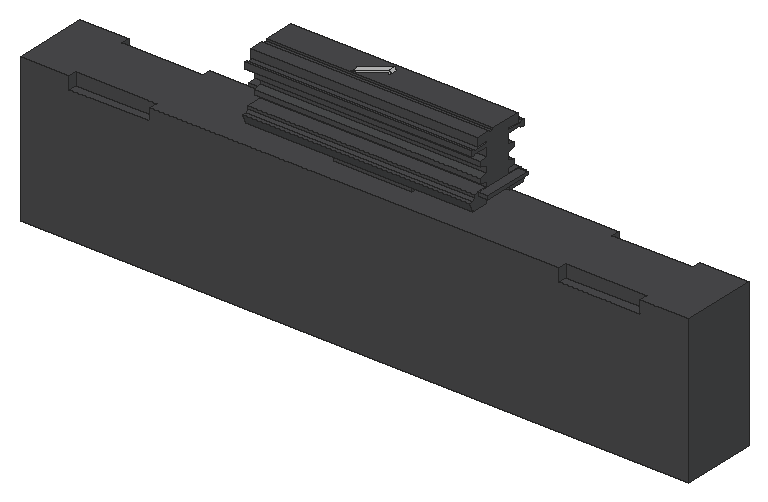
Revit family "DOT SINGLE HEAD RAIL 328_DTM15W3.5.15", category Luminarias, Revit 2019
Family settings
  Cota de conector redondo = Diámetro de uso
  Tipo de pieza = Normal
  Se basa en plano de trabajo = Sí
  Siempre vertical = Sí
  Corte con vacíos al cargar = No
  Origen de luz = Sí
  Compartido = No
  Punto de cálculo de habitación = No
Parameters (values of type "DOT SINGLE HEAD RAIL 328_DTM15W3.5.15")
  Ángulo de inclinación = 60.00°
  Zone [instance] = ""
  Watt per fixture = 15
  Wattage = 15 W
  built-in parameter 1150107 = 3000 (stored number, unit not read)
  built-in parameter 1150110 = 1 (stored number, unit not read)
  built-in parameter 1150109 = 1 (stored number, unit not read)
  built-in parameter 1150112 = 1 (stored number, unit not read)
  built-in parameter 1150113 = 1 (stored number, unit not read)
  built-in parameter 1114218 = 1 (stored number, unit not read)
  Keynote = ""
  built-in parameter 1150137 = (empty or 0)
  built-in parameter 1150132 = (empty or 0)
  Modelo = "DTM15W3.5.15"
  Lámpara = "3030SMD PHILIPS"
  built-in parameter 1150105 = 102.65 (stored number, unit not read)
  built-in parameter 1150102 = (empty or 0)
  built-in parameter 1150106 = 1.0265 (stored number, unit not read)
  Lumens = 1290 lm
  Color Filter = 16777215
  built-in parameter 1114217 = 1 (stored number, unit not read)
  built-in parameter 1150139 = (empty or 0)
  Fabricante = "BRILLANT"
  Default Elevation = 1219.2 mm
  built-in parameter 1150104 = 7.9897 (stored number, unit not read)
  Descripción = "LUMINARIA DOWNLIGHT EN FORMATO RECTANGULAR COMPATIBLE CON RIEL DE 6 ENTRADAS Y 3 CIRCUITOS CON CABEZAL PARA PODER DIRIGIR LA LUMINARIA HASTA 30 GRADOS, CUERPO DE ALUMINIO ACABADO EN COLOR NEGRO, IP 20, PESO 0.86Kg, TIPO DE LED 3030SMD PHILIPS CON 15W TOTAL, 1300 LUMENES, 86LM/W, IRC 90, TEMPERATURA EN BLANCO CALIDO 3000K, 50 MIL HORAS DE VIDA PROMEDIO, APERTURA DE 15 GRADOS POR PROYECTO, ALIMENTADO A 90-240V"
  built-in parameter 1150115 = 1 (stored number, unit not read)
  built-in parameter 1150114 = 1 (stored number, unit not read)
  Comentarios de vataje = "90-240V"
  built-in parameter 1150138 = (empty or 0)
  built-in parameter 1150134 = (empty or 0)
  Circuit [instance] = ""
  Dimming Lamp Color Temperature Shift = (empty or 0)
  Archivo de red fotométrica = "L328A-15W-830-B-15_IESNA95.IES"
  built-in parameter 1150133 = 10 (stored number, unit not read)
Reference planes
  plane 1 "Centro (Frontal/Posterior)": y = 0
  plane 2: z = 0
  plane 3 "Centro (Izquierda/Derecha)": x = 0
Forms (mm)
  Extrusion 1, solid, material "Default Form"
    sketch origin (0, 0, 0) x (1, 0, 0) y (0, 0, 1)
      loop
        line (-164, 0) -> (-164, -72) -> (164, -72) -> (164, 0) -> (-164, 0)
    from -18.326 to 18.326
  Blend 2, void
    base sketch origin (0, 0, 0) x (1, 0, 0) y (0, 1, 0)
      loop
        line (-162, 16.149) -> (-162, -16.149) -> (-144.14, -16.149) -> (-144.14, 16.149) -> (-162, 16.149)
    top sketch origin (0, 0, 0) x (1, 0, 0) y (0, 1, 0)
      loop
        line (-160, 12.149) -> (-160, -12.149) -> (-146.14, -12.149) -> (-146.14, 12.149) -> (-160, 12.149)
    from -72 to -61.591
  Blend 3, void
    base sketch origin (21.86, 0, 0) x (1, 0, 0) y (0, 1, 0)
      loop
        line (-162, 16.149) -> (-162, -16.149) -> (-144.14, -16.149) -> (-144.14, 16.149) -> (-162, 16.149)
    top sketch origin (21.86, 0, 0) x (1, 0, 0) y (0, 1, 0)
      loop
        line (-160, 12.149) -> (-160, -12.149) -> (-146.14, -12.149) -> (-146.14, 12.149) -> (-160, 12.149)
    from -72 to -61.591
  Blend 4, void
    base sketch origin (43.72, 0, 0) x (1, 0, 0) y (0, 1, 0)
      loop
        line (-162, 16.149) -> (-162, -16.149) -> (-144.14, -16.149) -> (-144.14, 16.149) -> (-162, 16.149)
    top sketch origin (43.72, 0, 0) x (1, 0, 0) y (0, 1, 0)
      loop
        line (-160, 12.149) -> (-160, -12.149) -> (-146.14, -12.149) -> (-146.14, 12.149) -> (-160, 12.149)
    from -72 to -61.591
  Blend 5, void
    base sketch origin (65.58, 0, 0) x (1, 0, 0) y (0, 1, 0)
      loop
        line (-162, 16.149) -> (-162, -16.149) -> (-144.14, -16.149) -> (-144.14, 16.149) -> (-162, 16.149)
    top sketch origin (65.58, 0, 0) x (1, 0, 0) y (0, 1, 0)
      loop
        line (-160, 12.149) -> (-160, -12.149) -> (-146.14, -12.149) -> (-146.14, 12.149) -> (-160, 12.149)
    from -72 to -61.591
  Blend 6, void
    base sketch origin (87.44, 0, 0) x (1, 0, 0) y (0, 1, 0)
      loop
        line (-162, 16.149) -> (-162, -16.149) -> (-144.14, -16.149) -> (-144.14, 16.149) -> (-162, 16.149)
    top sketch origin (87.44, 0, 0) x (1, 0, 0) y (0, 1, 0)
      loop
        line (-160, 12.149) -> (-160, -12.149) -> (-146.14, -12.149) -> (-146.14, 12.149) -> (-160, 12.149)
    from -72 to -61.591
  Blend 7, void
    base sketch origin (109.3, 0, 0) x (1, 0, 0) y (0, 1, 0)
      loop
        line (-162, 16.149) -> (-162, -16.149) -> (-144.14, -16.149) -> (-144.14, 16.149) -> (-162, 16.149)
    top sketch origin (109.3, 0, 0) x (1, 0, 0) y (0, 1, 0)
      loop
        line (-160, 12.149) -> (-160, -12.149) -> (-146.14, -12.149) -> (-146.14, 12.149) -> (-160, 12.149)
    from -72 to -61.591
  Blend 8, void
    base sketch origin (131.16, 0, 0) x (1, 0, 0) y (0, 1, 0)
      loop
        line (-162, 16.149) -> (-162, -16.149) -> (-144.14, -16.149) -> (-144.14, 16.149) -> (-162, 16.149)
    top sketch origin (131.16, 0, 0) x (1, 0, 0) y (0, 1, 0)
      loop
        line (-160, 12.149) -> (-160, -12.149) -> (-146.14, -12.149) -> (-146.14, 12.149) -> (-160, 12.149)
    from -72 to -61.591
  Blend 9, void
    base sketch origin (153.02, 0, 0) x (1, 0, 0) y (0, 1, 0)
      loop
        line (-162, 16.149) -> (-162, -16.149) -> (-144.14, -16.149) -> (-144.14, 16.149) -> (-162, 16.149)
    top sketch origin (153.02, 0, 0) x (1, 0, 0) y (0, 1, 0)
      loop
        line (-160, 12.149) -> (-160, -12.149) -> (-146.14, -12.149) -> (-146.14, 12.149) -> (-160, 12.149)
    from -72 to -61.591
  Blend 10, void
    base sketch origin (174.88, 0, 0) x (1, 0, 0) y (0, 1, 0)
      loop
        line (-162, 16.149) -> (-162, -16.149) -> (-144.14, -16.149) -> (-144.14, 16.149) -> (-162, 16.149)
    top sketch origin (174.88, 0, 0) x (1, 0, 0) y (0, 1, 0)
      loop
        line (-160, 12.149) -> (-160, -12.149) -> (-146.14, -12.149) -> (-146.14, 12.149) -> (-160, 12.149)
    from -72 to -61.591
  Blend 11, void
    base sketch origin (196.74, 0, 0) x (1, 0, 0) y (0, 1, 0)
      loop
        line (-162, 16.149) -> (-162, -16.149) -> (-144.14, -16.149) -> (-144.14, 16.149) -> (-162, 16.149)
    top sketch origin (196.74, 0, 0) x (1, 0, 0) y (0, 1, 0)
      loop
        line (-160, 12.149) -> (-160, -12.149) -> (-146.14, -12.149) -> (-146.14, 12.149) -> (-160, 12.149)
    from -72 to -61.591
  Blend 12, void
    base sketch origin (218.6, 0, 0) x (1, 0, 0) y (0, 1, 0)
      loop
        line (-162, 16.149) -> (-162, -16.149) -> (-144.14, -16.149) -> (-144.14, 16.149) -> (-162, 16.149)
    top sketch origin (218.6, 0, 0) x (1, 0, 0) y (0, 1, 0)
      loop
        line (-160, 12.149) -> (-160, -12.149) -> (-146.14, -12.149) -> (-146.14, 12.149) -> (-160, 12.149)
    from -72 to -61.591
  Blend 13, void
    base sketch origin (240.46, 0, 0) x (1, 0, 0) y (0, 1, 0)
      loop
        line (-162, 16.149) -> (-162, -16.149) -> (-144.14, -16.149) -> (-144.14, 16.149) -> (-162, 16.149)
    top sketch origin (240.46, 0, 0) x (1, 0, 0) y (0, 1, 0)
      loop
        line (-160, 12.149) -> (-160, -12.149) -> (-146.14, -12.149) -> (-146.14, 12.149) -> (-160, 12.149)
    from -72 to -61.591
  Blend 14, void
    base sketch origin (262.32, 0, 0) x (1, 0, 0) y (0, 1, 0)
      loop
        line (-162, 16.149) -> (-162, -16.149) -> (-144.14, -16.149) -> (-144.14, 16.149) -> (-162, 16.149)
    top sketch origin (262.32, 0, 0) x (1, 0, 0) y (0, 1, 0)
      loop
        line (-160, 12.149) -> (-160, -12.149) -> (-146.14, -12.149) -> (-146.14, 12.149) -> (-160, 12.149)
    from -72 to -61.591
  Blend 15, void
    base sketch origin (284.18, 0, 0) x (1, 0, 0) y (0, 1, 0)
      loop
        line (-162, 16.149) -> (-162, -16.149) -> (-144.14, -16.149) -> (-144.14, 16.149) -> (-162, 16.149)
    top sketch origin (284.18, 0, 0) x (1, 0, 0) y (0, 1, 0)
      loop
        line (-160, 12.149) -> (-160, -12.149) -> (-146.14, -12.149) -> (-146.14, 12.149) -> (-160, 12.149)
    from -72 to -61.591
  Blend 16, void
    base sketch origin (306.04, 0, 0) x (1, 0, 0) y (0, 1, 0)
      loop
        line (-162, 16.149) -> (-162, -16.149) -> (-144.14, -16.149) -> (-144.14, 16.149) -> (-162, 16.149)
    top sketch origin (306.04, 0, 0) x (1, 0, 0) y (0, 1, 0)
      loop
        line (-160, 12.149) -> (-160, -12.149) -> (-146.14, -12.149) -> (-146.14, 12.149) -> (-160, 12.149)
    from -72 to -61.591
  Extrusion 17, solid, material "Default Form"
    sketch origin (-55.628, 0, 7.5) x (0, 1, 0) y (0, 0, 1)
      loop
        line (-7.273, 1.74) -> (7.273, 1.74) -> (7.273, 0) -> (15.231, 0) -> (17.006, 4.494) -> (15.021, 4.494) -> (14.058, 5.868) -> (14.058, 7.166) -> (6.473, 7.166) -> (6.473, 9.324) -> (10.169, 10.163) -> (10.169, 12.464) -> (6.473, 13.302) -> (6.473, 16.66) -> (10.169, 17.499) -> (10.169, 19.8) -> (6.473, 20.638) -> (6.473, 25.016) -> (13.839, 25.016) -> (14.514, 24.341) -> (15.775, 24.341) -> (15.775, 27.171) -> (14.73, 27.171) -> (14.058, 26.499) -> (6.473, 26.499) -> (6.473, 27.299) -> (12.377, 27.299) -> (12.377, 31.471) -> (-2.744, 31.471) -> (-2.744, 30.671) -> (-5.514, 30.671) -> (-5.514, 31.471) -> (-12.377, 31.471) -> (-12.377, 27.299) -> (-6.473, 27.299) -> (-6.473, 26.499) -> (-14.058, 26.499) -> (-14.73, 27.171) -> (-15.775, 27.171) -> (-15.775, 24.341) -> (-14.514, 24.341) -> (-13.839, 25.016) -> (-6.473, 25.016) -> (-6.473, 20.638) -> (-10.169, 19.8) -> (-10.169, 17.499) -> (-6.473, 16.66) -> (-6.473, 13.302) -> (-10.169, 12.464) -> (-10.169, 10.163) -> (-6.473, 9.324) -> (-6.473, 7.166) -> (-14.058, 7.166) -> (-14.058, 5.868) -> (-15.021, 4.494) -> (-17.006, 4.494) -> (-15.231, 0) -> (-7.273, 0) -> (-7.273, 1.74)
    from 0 to 111.256
  Extrusion 18, solid, material "Default Form"
    sketch origin (0, 0, 0) x (1, 0, 0) y (0, 1, 0)
      loop
        line (-19.12, 6.873) -> (-19.12, -6.873) -> (19.12, -6.873) -> (19.12, 6.873) -> (-19.12, 6.873)
    from 0 to 2.67
  Extrusion 19, solid, material "Default Form"
    sketch origin (0, 0, 0) x (1, 0, 0) y (0, 1, 0)
      loop
        line (-10.93, 3.188) -> (-10.93, -3.188) -> (10.93, -3.188) -> (10.93, 3.188) -> (-10.93, 3.188)
    from 2.67 to 7.5
  Extrusion 20, void
    sketch origin (0, 0, 0) x (1, 0, 0) y (0, 1, 0)
      loop
        line (-140.14, 18.326) -> (-140.14, 14.276) -> (-100.42, 14.276) -> (-100.42, 18.326) -> (-140.14, 18.326)
      loop
        line (-140.14, -18.326) -> (-100.42, -18.326) -> (-100.42, -14.276) -> (-140.14, -14.276) -> (-140.14, -18.326)
      loop
        line (140.14, -18.326) -> (140.14, -14.276) -> (100.42, -14.276) -> (100.42, -18.326) -> (140.14, -18.326)
      loop
        line (140.14, 18.326) -> (100.42, 18.326) -> (100.42, 14.276) -> (140.14, 14.276) -> (140.14, 18.326)
    from -6.015 to 0
  Extrusion 21, solid, material "Acero Inoxidable"
    sketch origin (0, -1.594, 0) x (1, 0, 0) y (0, 0, -1)
      loop
        line (-15, -38.971) -> (3.794, -45.811) -> (4.341, -44.308) -> (3.589, -44.034) -> (3.316, -44.786) -> (-12.661, -38.971) -> (-15, -38.971)
    from 0 to 3.188
  Extrusion 22, solid, material "Default Form"
    sketch origin (0, 0, 0) x (1, 0, 0) y (0, 1, 0)
      loop
        line (-55.628, 6.473) -> (-66.331, 6.473) -> (-66.331, 0) -> (-55.628, 0) -> (-55.628, 6.473)
      loop
        line (55.628, 12.377) -> (55.628, -12.149) -> (60.628, -12.149) -> (60.628, 12.377) -> (55.628, 12.377)
    from 13.368 to 15
Cuts and joins
  Blend 2, Blend 3, Blend 4, Blend 5, Blend 6, Blend 7, Blend 8, Blend 9, Blend 10, Blend 11, Blend 12, Blend 13, Blend 14, Blend 15, Blend 16, Extrusion 20 cuts Extrusion 1
Dimensions and locks
  equal spacing: Extrusion 1, plane 1 "Centro (Frontal/Posterior)", Extrusion 1
  Extrusion 1 to plane 1 "Centro (Frontal/Posterior)" = 18.326 mm
  Extrusion 1 to Extrusion 1 = 36.651 mm
  Extrusion 1 to Extrusion 1 = 72 mm
  Extrusion 1 to Extrusion 1 = 328 mm
  equal spacing: group 1, group 2, group 3, group 4, group 5, group 6, group 7, group 8, group 9, group 10, group 11, group 12, group 13, group 14  (x3)
  cut or joined group 1 (Extrusion 1, Blend 2, Blend 3, Blend 4, Blend 5, Blend 6, Blend 7, Blend 8, Blend 9, Blend 10, Blend 11, Blend 12, Blend 13, Blend 14, Blend 15, Blend 16, Extrusion 20) to cut or joined group 1 = 72 mm
  cut or joined group 1 to cut or joined group 1 = 36.651 mm
  cut or joined group 1 to cut or joined group 1 = 328 mm
  equal spacing: cut or joined group 1, plane 1 "Centro (Frontal/Posterior)", cut or joined group 1
  locked: cut or joined group 1 to cut or joined group 1 at 23.86  (x2)
  aligned and locked: level to plane 2
  aligned and locked: Extrusion 19 to Extrusion 17
  aligned and locked: Extrusion 19 to Extrusion 18
Automatic sketch dimensions
  Blend 3 sketch curve to Blend 3 sketch curve = 17.86 mm
  Blend 3 sketch curve to Blend 3 sketch curve = 13.86 mm
  Blend 3 sketch curve to Blend 3 sketch curve = 32.298 mm
  Blend 3 sketch curve to Blend 3 sketch curve = 24.298 mm
  Blend 4 sketch curve to Blend 4 sketch curve = 17.86 mm
  Blend 4 sketch curve to Blend 4 sketch curve = 13.86 mm
  Blend 4 sketch curve to Blend 4 sketch curve = 32.298 mm
  Blend 4 sketch curve to Blend 4 sketch curve = 24.298 mm
  Blend 5 sketch curve to Blend 5 sketch curve = 17.86 mm
  Blend 5 sketch curve to Blend 5 sketch curve = 13.86 mm
  Blend 5 sketch curve to Blend 5 sketch curve = 32.298 mm
  Blend 5 sketch curve to Blend 5 sketch curve = 24.298 mm
  Blend 6 sketch curve to Blend 6 sketch curve = 17.86 mm
  Blend 6 sketch curve to Blend 6 sketch curve = 13.86 mm
  Blend 6 sketch curve to Blend 6 sketch curve = 32.298 mm
  Blend 6 sketch curve to Blend 6 sketch curve = 24.298 mm
  Blend 7 sketch curve to Blend 7 sketch curve = 17.86 mm
  Blend 7 sketch curve to Blend 7 sketch curve = 13.86 mm
  Blend 7 sketch curve to Blend 7 sketch curve = 32.298 mm
  Blend 7 sketch curve to Blend 7 sketch curve = 24.298 mm
  Blend 8 sketch curve to Blend 8 sketch curve = 17.86 mm
  Blend 8 sketch curve to Blend 8 sketch curve = 13.86 mm
  Blend 8 sketch curve to Blend 8 sketch curve = 32.298 mm
  Blend 8 sketch curve to Blend 8 sketch curve = 24.298 mm
  Blend 9 sketch curve to Blend 9 sketch curve = 17.86 mm
  Blend 9 sketch curve to Blend 9 sketch curve = 13.86 mm
  Blend 9 sketch curve to Blend 9 sketch curve = 32.298 mm
  Blend 9 sketch curve to Blend 9 sketch curve = 24.298 mm
  Blend 10 sketch curve to Blend 10 sketch curve = 17.86 mm
  Blend 10 sketch curve to Blend 10 sketch curve = 13.86 mm
  Blend 10 sketch curve to Blend 10 sketch curve = 32.298 mm
  Blend 10 sketch curve to Blend 10 sketch curve = 24.298 mm
  Blend 11 sketch curve to Blend 11 sketch curve = 17.86 mm
  Blend 11 sketch curve to Blend 11 sketch curve = 13.86 mm
  Blend 11 sketch curve to Blend 11 sketch curve = 32.298 mm
  Blend 11 sketch curve to Blend 11 sketch curve = 24.298 mm
  Blend 12 sketch curve to Blend 12 sketch curve = 17.86 mm
  Blend 12 sketch curve to Blend 12 sketch curve = 13.86 mm
  Blend 12 sketch curve to Blend 12 sketch curve = 32.298 mm
  Blend 12 sketch curve to Blend 12 sketch curve = 24.298 mm
  Blend 13 sketch curve to Blend 13 sketch curve = 17.86 mm
  Blend 13 sketch curve to Blend 13 sketch curve = 13.86 mm
  Blend 13 sketch curve to Blend 13 sketch curve = 32.298 mm
  Blend 13 sketch curve to Blend 13 sketch curve = 24.298 mm
  Blend 14 sketch curve to Blend 14 sketch curve = 17.86 mm
  Blend 14 sketch curve to Blend 14 sketch curve = 13.86 mm
  Blend 14 sketch curve to Blend 14 sketch curve = 32.298 mm
  Blend 14 sketch curve to Blend 14 sketch curve = 24.298 mm
  Blend 15 sketch curve to Blend 15 sketch curve = 17.86 mm
  Blend 15 sketch curve to Blend 15 sketch curve = 13.86 mm
  Blend 15 sketch curve to Blend 15 sketch curve = 32.298 mm
  Blend 15 sketch curve to Blend 15 sketch curve = 24.298 mm
  Blend 16 sketch curve to Blend 16 sketch curve = 17.86 mm
  Blend 16 sketch curve to Blend 16 sketch curve = 13.86 mm
  Blend 16 sketch curve to Blend 16 sketch curve = 32.298 mm
  Blend 16 sketch curve to Blend 16 sketch curve = 24.298 mm
  Extrusion 1 sketch curve to level = 0 mm
  Extrusion 1 sketch curve to level = 72 mm
  Extrusion 1 sketch curve to plane 3 "Centro (Izquierda/Derecha)" = 164 mm
  plane 3 "Centro (Izquierda/Derecha)" to Extrusion 1 sketch curve = 164 mm
  Blend 2 sketch curve to plane 1 "Centro (Frontal/Posterior)" = 16.149 mm
  Blend 2 sketch curve to plane 3 "Centro (Izquierda/Derecha)" = 162 mm
  Blend 2 sketch curve to Blend 2 sketch curve = 17.86 mm
  plane 1 "Centro (Frontal/Posterior)" to Blend 2 sketch curve = 16.149 mm
  Blend 2 sketch curve to plane 1 "Centro (Frontal/Posterior)" = 12.149 mm
  Blend 2 sketch curve to plane 3 "Centro (Izquierda/Derecha)" = 160 mm
  Blend 2 sketch curve to Blend 2 sketch curve = 13.86 mm
  plane 1 "Centro (Frontal/Posterior)" to Blend 2 sketch curve = 12.149 mm
  plane 1 "Centro (Frontal/Posterior)" to Extrusion 17 sketch curve = 17.006 mm
  plane 1 "Centro (Frontal/Posterior)" to Extrusion 17 sketch curve = 15.775 mm
  level to Extrusion 17 sketch curve = 7.5 mm  (x2)
  Extrusion 17 sketch curve to Extrusion 17 sketch curve = 1.775 mm
  Extrusion 17 sketch curve to Extrusion 17 sketch curve = 1.985 mm  (x2)
  Extrusion 17 sketch curve to Extrusion 17 sketch curve = 1.045 mm
  Extrusion 17 sketch curve to Extrusion 17 sketch curve = 1.261 mm  (x2)
  Extrusion 17 sketch curve to Extrusion 17 sketch curve = 0.963 mm  (x2)
  Extrusion 17 sketch curve to Extrusion 17 sketch curve = 0.672 mm  (x4)
  Extrusion 17 sketch curve to Extrusion 17 sketch curve = 0.675 mm  (x3)
  Extrusion 17 sketch curve to Extrusion 17 sketch curve = 2.354 mm
  Extrusion 17 sketch curve to Extrusion 17 sketch curve = 4.345 mm
  Extrusion 17 sketch curve to Extrusion 17 sketch curve = 3.89 mm  (x2)
  plane 1 "Centro (Frontal/Posterior)" to Extrusion 17 sketch curve = 7.273 mm
  Extrusion 17 sketch curve to Extrusion 17 sketch curve = 3.696 mm  (x4)
  Extrusion 17 sketch curve to Extrusion 17 sketch curve = 5.904 mm  (x2)
  Extrusion 17 sketch curve to Extrusion 17 sketch curve = 0 mm  (x3)
  Extrusion 17 sketch curve to Extrusion 17 sketch curve = 0.959 mm
  plane 1 "Centro (Frontal/Posterior)" to Extrusion 17 sketch curve = 2.744 mm
  Extrusion 17 sketch curve to plane 1 "Centro (Frontal/Posterior)" = 6.473 mm  (x2)
  Extrusion 17 sketch curve to Extrusion 17 sketch curve = 0.8 mm  (x3)
  Extrusion 17 sketch curve to Extrusion 17 sketch curve = 1.462 mm
  Extrusion 17 sketch curve to Extrusion 17 sketch curve = 0.22 mm
  Extrusion 17 sketch curve to Extrusion 17 sketch curve = 0.21 mm
  Extrusion 17 sketch curve to Extrusion 17 sketch curve = 1.74 mm
  Extrusion 17 sketch curve to Extrusion 17 sketch curve = 4.494 mm  (x2)
  Extrusion 17 sketch curve to Extrusion 17 sketch curve = 1.375 mm  (x2)
  Extrusion 17 sketch curve to Extrusion 17 sketch curve = 5.426 mm  (x2)
  Extrusion 17 sketch curve to Extrusion 17 sketch curve = 2.158 mm  (x2)
  Extrusion 17 sketch curve to Extrusion 17 sketch curve = 0.839 mm  (x8)
  Extrusion 17 sketch curve to Extrusion 17 sketch curve = 2.301 mm  (x4)
  Extrusion 17 sketch curve to Extrusion 17 sketch curve = 3.358 mm  (x2)
  Extrusion 17 sketch curve to Extrusion 17 sketch curve = 4.541 mm  (x2)
  Extrusion 17 sketch curve to Extrusion 17 sketch curve = 4.378 mm
  Extrusion 17 sketch curve to Extrusion 17 sketch curve = 1.483 mm  (x2)
  Extrusion 17 sketch curve to Extrusion 17 sketch curve = 3.372 mm
  Extrusion 17 sketch curve to Extrusion 17 sketch curve = 4.172 mm  (x2)
  plane 1 "Centro (Frontal/Posterior)" to Extrusion 18 sketch curve = 6.873 mm
  Extrusion 18 sketch curve to plane 3 "Centro (Izquierda/Derecha)" = 19.12 mm
  plane 3 "Centro (Izquierda/Derecha)" to Extrusion 18 sketch curve = 19.12 mm
  Extrusion 18 sketch curve to plane 1 "Centro (Frontal/Posterior)" = 6.873 mm
  plane 1 "Centro (Frontal/Posterior)" to Extrusion 19 sketch curve = 3.188 mm
  Extrusion 19 sketch curve to plane 3 "Centro (Izquierda/Derecha)" = 10.93 mm
  plane 3 "Centro (Izquierda/Derecha)" to Extrusion 19 sketch curve = 10.93 mm
  Extrusion 19 sketch curve to plane 1 "Centro (Frontal/Posterior)" = 3.188 mm
  Extrusion 20 sketch curve to plane 1 "Centro (Frontal/Posterior)" = 18.326 mm
  Extrusion 20 sketch curve to plane 3 "Centro (Izquierda/Derecha)" = 140.14 mm
  Extrusion 20 sketch curve to Extrusion 20 sketch curve = 0 mm  (x4)
  plane 1 "Centro (Frontal/Posterior)" to Extrusion 20 sketch curve = 18.326 mm
  Extrusion 20 sketch curve to Extrusion 20 sketch curve = 39.72 mm  (x2)
  Extrusion 20 sketch curve to plane 1 "Centro (Frontal/Posterior)" = 14.276 mm
  plane 3 "Centro (Izquierda/Derecha)" to Extrusion 20 sketch curve = 100.42 mm
  plane 1 "Centro (Frontal/Posterior)" to Extrusion 20 sketch curve = 14.276 mm
  Extrusion 20 sketch curve to Extrusion 20 sketch curve = 4.049 mm  (x4)
  Extrusion 21 sketch curve to plane 3 "Centro (Izquierda/Derecha)" = 15 mm
  Extrusion 21 sketch curve to Extrusion 21 sketch curve = 2.339 mm
  plane 3 "Centro (Izquierda/Derecha)" to Extrusion 21 sketch curve = 3.316 mm
  Extrusion 21 sketch curve to Extrusion 21 sketch curve = 0.274 mm
  Extrusion 21 sketch curve to Extrusion 21 sketch curve = 0.478 mm
  Extrusion 21 sketch curve to Extrusion 21 sketch curve = 0.752 mm
  level to Extrusion 21 sketch curve = 45.811 mm
  plane 1 "Centro (Frontal/Posterior)" to Extrusion 22 sketch curve = 0 mm
  Extrusion 22 sketch curve to plane 1 "Centro (Frontal/Posterior)" = 6.473 mm
  Extrusion 22 sketch curve to plane 3 "Centro (Izquierda/Derecha)" = 66.331 mm
  Extrusion 22 sketch curve to Extrusion 22 sketch curve = 10.703 mm
  Extrusion 22 sketch curve to plane 1 "Centro (Frontal/Posterior)" = 12.377 mm
  plane 3 "Centro (Izquierda/Derecha)" to Extrusion 22 sketch curve = 55.628 mm
  Extrusion 22 sketch curve to Extrusion 22 sketch curve = 5 mm
  plane 1 "Centro (Frontal/Posterior)" to Extrusion 22 sketch curve = 12.149 mm
Connectors
  electrical at (0, 0, 0)
    settings: on cut or joined group 1, index 1, voltage 240 V, apparent load 0 VA, apparent load phase1 0 VA, apparent load phase2 0 VA, apparent load phase3 0 VA, power factor 1, load classification "Otro", number of poles 1, system type 31, power factor state 1, is connector primary yes, connector utility no, sub classification motor no, connector description ""
